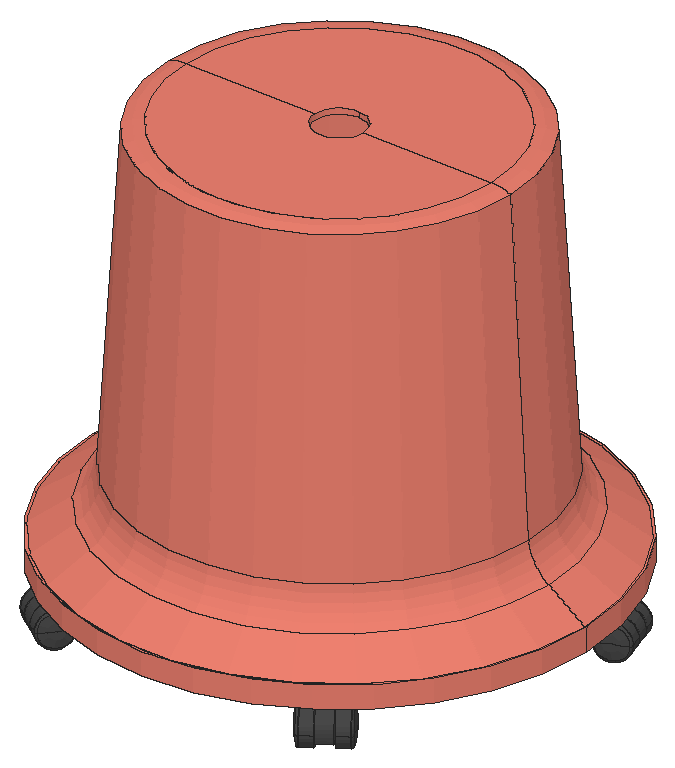
Revit family "Seating-Teknion-CQSMP_Routes_Multi-Use_Stool-R2018", category Furniture, Revit 2018 (continued)
Automatic sketch dimensions
  plane 4 "Left" to Masking region 2 sketch curve = 0.15418"
  Masking region 2 sketch curve to Masking region 2 sketch curve = 0.01195"  (x2)
  plane 4 "Left" to Masking region 2 sketch curve = 0.35648"
  Masking region 2 sketch curve to Masking region 2 sketch curve = 0.01277"  (x2)
  Masking region 2 sketch curve to Masking region 2 sketch curve = 0.24127"
  Masking region 2 sketch curve to Masking region 2 sketch curve = 0.01262"
  Masking region 2 sketch curve to Masking region 2 sketch curve = 0.15801"
  Masking region 2 sketch curve to Masking region 2 sketch curve = 0.01236"
  Masking region 2 sketch curve to Masking region 2 sketch curve = 0.08445"  (x2)
  Masking region 2 sketch curve to Masking region 2 sketch curve = 0.23263"
  Masking region 2 sketch curve to Masking region 2 sketch curve = 0.22754"
  plane 4 "Left" to Masking region 2 sketch curve = 3.33873"
  Masking region 2 sketch curve to Masking region 2 sketch curve = 0.06225"
  Masking region 2 sketch curve to Masking region 2 sketch curve = 0.41327"
  Masking region 2 sketch curve to Masking region 2 sketch curve = 0.03625"
  Masking region 2 sketch curve to plane 7 "Front" = 2.14176"
  Masking region 2 sketch curve to Masking region 2 sketch curve = 0.14533"
  Masking region 2 sketch curve to plane 7 "Front" = 2.1156"  (x2)
  Masking region 2 sketch curve to Masking region 2 sketch curve = 0.03677"
  Masking region 2 sketch curve to Masking region 2 sketch curve = 0.1692"
  Masking region 2 sketch curve to plane 7 "Front" = 1.55277"
  Masking region 2 sketch curve to Masking region 2 sketch curve = 0.49835"
  Masking region 2 sketch curve to plane 7 "Front" = 1.53187"
  Masking region 2 sketch curve to Masking region 2 sketch curve = 0.0286"
  plane 4 "Left" to Masking region 2 sketch curve = 4.45452"
  Masking region 2 sketch curve to plane 7 "Front" = 1.73167"
  Masking region 2 sketch curve to Masking region 2 sketch curve = 0.0282"
  Masking region 2 sketch curve to Masking region 2 sketch curve = 0.13252"
  Masking region 2 sketch curve to plane 7 "Front" = 1.22951"
  Masking region 2 sketch curve to Masking region 2 sketch curve = 0.04913"
  Masking region 2 sketch curve to plane 3 "Center Left/Right" = 1.43736"
  Masking region 2 sketch curve to plane 3 "Center Left/Right" = 0.86123"
  Masking region 2 sketch curve to Masking region 2 sketch curve = 0.00664"
  Masking region 2 sketch curve to plane 3 "Center Left/Right" = 0.35084"
  Masking region 2 sketch curve to Masking region 2 sketch curve = 0.040"  (x2)
  Masking region 2 sketch curve to Masking region 2 sketch curve = 0.01513"
  plane 3 "Center Left/Right" to Masking region 2 sketch curve = 0.30516"
  Masking region 2 sketch curve to Masking region 2 sketch curve = 0.02137"
  Masking region 2 sketch curve to plane 6 "Back" = 0.09092"
  Masking region 2 sketch curve to Masking region 2 sketch curve = 0.5048"
  Masking region 2 sketch curve to Masking region 2 sketch curve = 0.00654"
  Masking region 2 sketch curve to plane 7 "Front" = 1.31132"
  plane 5 "Right" to Masking region 2 sketch curve = 4.78328"
  Masking region 2 sketch curve to plane 7 "Front" = 1.23252"
  Masking region 2 sketch curve to Masking region 2 sketch curve = 0.04904"
  Masking region 2 sketch curve to Masking region 2 sketch curve = 0.2164"
  Masking region 2 sketch curve to plane 7 "Front" = 1.72976"
  Masking region 2 sketch curve to Masking region 2 sketch curve = 0.10226"
  Masking region 2 sketch curve to Masking region 2 sketch curve = 0.03218"
  Masking region 2 sketch curve to plane 7 "Front" = 1.53252"
  Masking region 2 sketch curve to plane 7 "Front" = 1.55568"
  Masking region 2 sketch curve to Masking region 2 sketch curve = 0.03261"
  Masking region 2 sketch curve to Masking region 2 sketch curve = 0.5001"
  Masking region 2 sketch curve to Masking region 2 sketch curve = 0.13269"
  Masking region 2 sketch curve to Masking region 2 sketch curve = 0.03231"
  Masking region 2 sketch curve to plane 7 "Front" = 1.94161"
  Masking region 2 sketch curve to Masking region 2 sketch curve = 0.03211"
  Masking region 2 sketch curve to Masking region 2 sketch curve = 0.35495"
  Masking region 2 sketch curve to Masking region 2 sketch curve = 0.05874"
  plane 5 "Right" to Masking region 2 sketch curve = 0.84449"
  Masking region 2 sketch curve to Masking region 2 sketch curve = 0.19762"
  plane 5 "Right" to Masking region 2 sketch curve = 0.61789"
  Masking region 2 sketch curve to Masking region 2 sketch curve = 0.23243"
  Masking region 2 sketch curve to Masking region 2 sketch curve = 0.01345"
  Masking region 2 sketch curve to Masking region 2 sketch curve = 0.23861"
  Masking region 2 sketch curve to Masking region 2 sketch curve = 0.01318"
  Masking region 2 sketch curve to Masking region 2 sketch curve = 0.23664"
  plane 5 "Right" to Masking region 2 sketch curve = 0.09273"
  plane 5 "Right" to Masking region 2 sketch curve = 0.00263"
  Masking region 2 sketch curve to plane 5 "Right" = 2.78514"
  Masking region 2 sketch curve to plane 7 "Front" = 2.58458"
  Masking region 2 sketch curve to plane 5 "Right" = 8.45954"
  Masking region 2 sketch curve to plane 5 "Right" = 33.32392"
  plane 6 "Back" to Masking region 2 sketch curve = 9.47675"
  Masking region 2 sketch curve to Masking region 2 sketch curve = 66.5922"
  plane 7 "Front" to Masking region 2 sketch curve = 9.88893"
  plane 7 "Front" to Masking region 2 sketch curve = 59.35395"
  plane 7 "Front" to Masking region 2 sketch curve = 59.35352"
  Masking region 2 sketch curve to Masking region 2 sketch curve = 0.08053"
  Masking region 2 sketch curve to Masking region 2 sketch curve = 0.02648"
  Masking region 2 sketch curve to Masking region 2 sketch curve = 0.21077"  (x2)
  Masking region 2 sketch curve to Masking region 2 sketch curve = 0.02358"
  Masking region 2 sketch curve to Masking region 2 sketch curve = 0.06971"
  Masking region 2 sketch curve to Masking region 2 sketch curve = 0.06925"
  Masking region 2 sketch curve to Masking region 2 sketch curve = 0.19206"
  Masking region 2 sketch curve to Masking region 2 sketch curve = 0.1954"
  Masking region 2 sketch curve to plane 1 "Center Front/Back" = 2.24683"
  Masking region 2 sketch curve to plane 1 "Center Front/Back" = 2.24699"
  Masking region 2 sketch curve to Masking region 2 sketch curve = 0.02229"  (x2)
  Masking region 2 sketch curve to Masking region 2 sketch curve = 0.40759"  (x2)
  Masking region 2 sketch curve to Masking region 2 sketch curve = 0.02172"
  Masking region 2 sketch curve to Masking region 2 sketch curve = 0.02385"
  Masking region 2 sketch curve to Masking region 2 sketch curve = 0.03796"
  Masking region 2 sketch curve to Masking region 2 sketch curve = 0.03778"
  Masking region 2 sketch curve to Masking region 2 sketch curve = 0.03818"  (x2)
  Masking region 2 sketch curve to Masking region 2 sketch curve = 0.05742"
  Masking region 2 sketch curve to Masking region 2 sketch curve = 0.05548"
  Masking region 2 sketch curve to Masking region 2 sketch curve = 0.03804"
  Masking region 2 sketch curve to Masking region 2 sketch curve = 0.03769"
  Masking region 2 sketch curve to Masking region 2 sketch curve = 0.03791"  (x2)
  Masking region 2 sketch curve to Masking region 2 sketch curve = 0.03432"  (x2)
  Masking region 2 sketch curve to plane 6 "Back" = 0.49926"
  Masking region 2 sketch curve to plane 6 "Back" = 0.49365"
  Masking region 2 sketch curve to Masking region 2 sketch curve = 0.2453"
  Masking region 2 sketch curve to Masking region 2 sketch curve = 0.000"
  Masking region 2 sketch curve to Masking region 2 sketch curve = 0.00027"
  Masking region 2 sketch curve to plane 6 "Back" = 0.09258"
  plane 6 "Back" to Masking region 2 sketch curve = 0.00043"
  plane 6 "Back" to Masking region 2 sketch curve = 4.96971"
  plane 6 "Back" to Masking region 2 sketch curve = 4.96819"
  Masking region 2 sketch curve to Masking region 2 sketch curve = 66.40727"
  plane 4 "Left" to Masking region 2 sketch curve = 0.04284"
  Masking region 2 sketch curve to Masking region 2 sketch curve = 0.06843"
  Masking region 2 sketch curve to Masking region 2 sketch curve = 0.02988"
  Masking region 2 sketch curve to Masking region 2 sketch curve = 0.0662"
  Masking region 2 sketch curve to Masking region 2 sketch curve = 0.1448"
  Masking region 2 sketch curve to plane 6 "Back" = 0.04795"
  Masking region 2 sketch curve to Masking region 2 sketch curve = 0.23137"
  Masking region 2 sketch curve to Masking region 2 sketch curve = 0.00115"
  Masking region 2 sketch curve to Masking region 2 sketch curve = 0.23778"
  Masking region 2 sketch curve to Masking region 2 sketch curve = 0.14535"
  Revolve 42 sketch curve to plane 3 "Center Left/Right" = 0.000"  (x2)
  Revolve 42 sketch curve to plane 8 "Top" = 0.21561"
  plane 5 "Right" to Revolve 42 sketch curve = 3.96564"
  Revolve 42 sketch curve to plane 8 "Top" = 0.31895"
  Revolve 42 sketch curve to Revolve 42 sketch curve = 0.65588"
  plane 5 "Right" to Revolve 42 sketch curve = 2.55869"
  plane 5 "Right" to Revolve 42 sketch curve = 1.7749"
  plane 5 "Right" to Revolve 42 sketch curve = 0.37201"
  level to Revolve 42 sketch curve = 4.93324"
  Revolve 42 sketch curve to Revolve 42 sketch curve = 0.07752"
  level to Revolve 42 sketch curve = 0.29038"
  Revolve 42 sketch curve to level = 0.8125"
  plane 8 "Top" to Revolve 42 sketch curve = 2.000"
  Sweep 43 sketch curve to plane 3 "Center Left/Right" = 0.000"
  Sweep 43 sketch curve to plane 8 "Top" = 4.750"
  plane 8 "Top" to Sweep 43 sketch curve = 1.500"
  Sweep 43 sketch curve to profile plane = 0.000"
  plane 1 "Center Front/Back" to Sweep 43 sketch curve = 0.12247"
  Masking region 2 sketch curve to Masking region 2 sketch curve = 0.41657"
  curve 1 to curve 2 = 0.000"  (x2)
  curve 1 to curve 3 = 0.000"  (x2)
  curve 1 to curve 4 = 0.000"  (x2)
  curve 1 to curve 5 = 0.000"  (x2)
  curve 1 to curve 6 = 0.000"  (x2)
  curve 1 to curve 7 = 0.000"  (x2)
  curve 1 to curve 8 = 0.000"  (x2)
  curve 2 to curve 3 = 0.000"  (x2)
  curve 2 to curve 4 = 0.000"  (x2)
  curve 2 to curve 5 = 0.000"  (x2)
  curve 2 to curve 6 = 0.000"  (x2)
  curve 2 to curve 7 = 0.000"  (x2)
  curve 2 to curve 8 = 0.000"  (x2)
  curve 3 to curve 4 = 0.000"  (x2)
  curve 3 to curve 5 = 0.000"  (x2)
  curve 3 to curve 6 = 0.000"  (x2)
  curve 3 to curve 7 = 0.000"  (x2)
  curve 3 to curve 8 = 0.000"  (x2)
  curve 4 to curve 5 = 0.000"  (x2)
  curve 4 to curve 6 = 0.000"  (x2)
  curve 4 to curve 7 = 0.000"  (x2)
  curve 4 to curve 8 = 0.000"  (x2)
  curve 5 to curve 6 = 0.000"  (x2)
  curve 5 to curve 7 = 0.000"  (x2)
  curve 5 to curve 8 = 0.000"  (x2)
  curve 6 to curve 7 = 0.000"  (x2)
  curve 6 to curve 8 = 0.000"  (x2)
  curve 7 to curve 8 = 0.000"  (x2)
  curve 9 to curve 10 = 0.000"  (x2)
  curve 2 to plane 3 "Center Left/Right" = 0.000"
  curve 9 to plane 3 "Center Left/Right" = 0.000"
  curve 53 to plane 3 "Center Left/Right" = 0.00167"
  curve 54 to curve 53 = 0.00063"
  curve 52 to curve 54 = 0.00136"
  curve 38 to plane 3 "Center Left/Right" = 0.31084"
  curve 40 to curve 38 = 0.040"
  curve 51 to curve 40 = 0.20293"
  curve 50 to curve 40 = 0.20293"
  curve 46 to curve 50 = 0.197"
  curve 42 to curve 51 = 0.10376"
  curve 33 to plane 6 "Back" = 0.70397"
  curve 33 to curve 46 = 0.98699"
  curve 109 to plane 7 "Front" = 1.31867"
  curve 109 to plane 3 "Center Left/Right" = 4.32022"
  curve 111 to curve 109 = 0.09928"
  curve 113 to plane 7 "Front" = 3.05304"
  curve 113 to curve 111 = 0.04358"
  curve 101 to curve 111 = 0.1359"
  curve 115 to curve 113 = 0.11579"
  curve 100 to curve 101 = 0.06573"
  curve 102 to curve 115 = 0.38765"
  curve 111 to plane 7 "Front" = 1.88628"
  curve 111 to curve 100 = 0.44614"
  curve 103 to curve 101 = 0.18461"
  curve 114 to curve 111 = 0.15938"
  curve 110 to plane 7 "Front" = 1.8427"
  curve 110 to curve 114 = 0.11579"
  curve 119 to curve 103 = 0.19651"
  curve 120 to curve 119 = 0.00165"
  curve 118 to curve 120 = 0.00072"
  curve 113 to curve 118 = 0.00466"
  curve 117 to curve 113 = 0.11579"
  curve 107 to curve 118 = 0.17596"
  curve 112 to curve 117 = 0.15938"
  curve 104 to curve 106 = 0.12352"
  curve 107 to curve 112 = 0.30362"
  curve 108 to curve 107 = 0.05458"
  curve 116 to curve 104 = 0.46875"
  curve 110 to plane 7 "Front" = 2.49048"
  curve 110 to curve 116 = 0.11579"
  curve 112 to plane 7 "Front" = 2.76565"
  curve 112 to curve 116 = 0.15938"
  curve 99 to curve 112 = 0.81254"
  plane 4 "Left" to curve 25 = 2.36014"
  curve 23 to curve 27 = 0.12648"
  curve 27 to curve 25 = 0.18736"
  curve 25 to curve 25 = 0.34056"
  curve 13 to curve 27 = 0.32345"
  curve 29 to curve 25 = 0.18736"
  curve 12 to curve 12 = 0.09896"
  curve 24 to curve 29 = 0.06088"
  curve 14 to curve 27 = 0.41823"
  curve 19 to curve 29 = 0.29274"
  curve 15 to curve 13 = 0.26457"
  curve 31 to curve 15 = 0.01113"
  curve 30 to curve 31 = 0.00184"
  curve 32 to curve 30 = 0.0002"
  curve 21 to curve 12 = 0.35496"
  curve 19 to curve 24 = 0.38752"
  curve 17 to curve 18 = 0.23985"
  curve 20 to curve 20 = 0.08831"
  curve 23 to curve 12 = 0.62571"
  curve 26 to curve 23 = 0.06088"
  curve 22 to curve 26 = 0.18736"
  curve 28 to curve 16 = 0.51553"
  curve 24 to curve 28 = 0.06088"
  curve 22 to curve 28 = 0.18736"
  plane 4 "Left" to curve 11 = 0.39551"
  plane 3 "Center Left/Right" to curve 37 = 0.30516"
  curve 37 to curve 36 = 0.040"
  curve 35 to curve 49 = 0.20313"
  curve 36 to curve 44 = 0.20313"
  curve 49 to curve 45 = 0.197"
  curve 49 to curve 34 = 0.09617"
  curve 34 to curve 35 = 0.00739"
  curve 45 to curve 43 = 0.93802"
  curve 87 to plane 7 "Front" = 1.31867"
  plane 3 "Center Left/Right" to curve 87 = 4.32022"
  curve 87 to curve 89 = 0.09928"
  curve 91 to plane 7 "Front" = 3.05304"
  curve 89 to curve 91 = 0.04358"
  curve 93 to curve 79 = 0.1359"
  curve 91 to curve 93 = 0.11579"
  curve 78 to curve 78 = 0.06573"
  curve 93 to curve 80 = 0.38402"
  curve 89 to plane 7 "Front" = 1.88628"
  curve 78 to curve 89 = 0.44614"
  curve 79 to curve 81 = 0.18824"
  curve 89 to curve 92 = 0.15938"
  curve 88 to plane 7 "Front" = 1.8427"
  curve 92 to curve 88 = 0.11579"
  curve 81 to curve 97 = 0.19651"
  curve 97 to curve 98 = 0.00165"
  curve 98 to curve 96 = 0.00072"
  curve 96 to curve 91 = 0.00466"
  curve 91 to curve 95 = 0.11579"
  curve 96 to curve 85 = 0.17596"
  curve 95 to curve 90 = 0.15938"
  curve 84 to curve 83 = 0.12352"
  curve 90 to curve 85 = 0.30362"
  curve 85 to curve 86 = 0.05458"
  curve 82 to curve 94 = 0.46875"
  curve 88 to plane 7 "Front" = 2.49048"
  curve 94 to curve 88 = 0.11579"
  curve 90 to plane 7 "Front" = 2.76565"
  curve 94 to curve 90 = 0.15938"
  curve 90 to curve 77 = 0.81254"
  plane 5 "Right" to curve 69 = 2.36014"
  curve 69 to curve 67 = 0.12648"
  curve 69 to curve 71 = 0.18736"
  curve 69 to curve 69 = 0.34056"
  curve 71 to curve 57 = 0.32345"
  curve 69 to curve 73 = 0.18736"
  curve 57 to curve 56 = 0.09896"
  curve 73 to curve 68 = 0.06088"
  curve 71 to curve 58 = 0.41823"
  curve 73 to curve 62 = 0.29274"
  curve 57 to curve 59 = 0.26457"
  curve 59 to curve 75 = 0.01113"
  curve 75 to curve 74 = 0.00184"
  curve 74 to curve 76 = 0.0002"
  curve 56 to curve 65 = 0.35496"
  curve 73 to curve 63 = 0.38752"
  curve 62 to curve 60 = 0.23985"
  curve 64 to curve 64 = 0.08831"
  curve 56 to curve 67 = 0.62571"
  curve 67 to curve 70 = 0.06088"
  curve 70 to curve 66 = 0.18736"
  curve 60 to curve 72 = 0.51553"
  curve 72 to curve 68 = 0.06088"
  curve 72 to curve 66 = 0.18736"
  plane 5 "Right" to curve 55 = 0.39551"
  curve 89 to curve 78 = 0.45045"
  curve 111 to curve 100 = 0.45045"
  curve 100 to curve 101 = 0.0779"
  curve 78 to curve 79 = 0.0779"
  curve 114 to curve 104 = 0.51758"
  curve 92 to curve 81 = 0.51758"
  curve 81 to curve 80 = 0.19103"
  curve 103 to curve 102 = 0.19367"
  curve 81 to curve 98 = 0.25035"
  curve 103 to curve 120 = 0.25035"
  curve 120 to curve 119 = 0.0012"
  curve 98 to curve 97 = 0.0012"
  curve 120 to curve 118 = 0.00133"
  curve 98 to curve 96 = 0.00133"
  curve 111 to curve 113 = 0.27517"
  curve 89 to curve 91 = 0.27517"
  curve 118 to curve 105 = 0.1104"
  curve 96 to curve 82 = 0.1104"
  curve 104 to curve 106 = 0.23806"
  curve 82 to curve 85 = 0.23806"
  curve 112 to curve 99 = 0.56082"
  curve 90 to curve 77 = 0.56082"
  curve 84 to curve 86 = 0.22094"
  curve 106 to curve 108 = 0.22094"
  curve 86 to curve 85 = 0.07512"
  curve 108 to curve 107 = 0.07512"
  curve 84 to curve 95 = 0.42165"
  curve 106 to curve 117 = 0.42165"
  curve 95 to curve 90 = 0.11579"
  curve 117 to curve 112 = 0.11579"
  plane 1 "Center Front/Back" to curve 7 = 0.12748"
  curve 5 to curve 9 = 0.005"
  curve 55 to plane 1 "Center Front/Back" = 1.21798"
  curve 11 to plane 1 "Center Front/Back" = 1.21798"
  curve 11 to curve 24 = 0.59075"
  curve 55 to curve 68 = 0.59075"
  curve 73 to curve 63 = 0.01682"
  curve 24 to curve 19 = 0.01682"
  curve 64 to curve 64 = 0.02869"
  curve 20 to curve 20 = 0.02869"
  curve 68 to curve 69 = 0.12648"
  curve 29 to curve 25 = 0.12648"
  curve 64 to curve 68 = 0.29505"
  curve 20 to curve 24 = 0.29505"
  curve 73 to curve 62 = 0.30849"
  curve 29 to curve 19 = 0.30849"
  curve 28 to curve 28 = 0.18736"
  curve 68 to curve 72 = 0.18736"
  curve 18 to curve 16 = 0.11999"
  curve 62 to curve 61 = 0.11999"
  curve 60 to curve 74 = 0.26534"
  curve 16 to curve 30 = 0.26534"
  curve 30 to curve 32 = 0.0015"
  curve 74 to curve 75 = 0.0015"
  curve 74 to curve 76 = 0.0015"
  curve 32 to curve 31 = 0.000"
  curve 75 to curve 57 = 0.2751"
  curve 31 to curve 13 = 0.2751"
  curve 13 to curve 25 = 0.01682"
  curve 57 to curve 69 = 0.01682"
  curve 13 to curve 16 = 0.04391"
  curve 57 to curve 60 = 0.04391"
  curve 25 to curve 27 = 0.06088"
  curve 69 to curve 71 = 0.06088"
  curve 15 to curve 26 = 0.37435"
  curve 59 to curve 70 = 0.37435"
  curve 27 to curve 13 = 0.21398"
  curve 71 to curve 57 = 0.21398"
  curve 70 to curve 66 = 0.06088"
  curve 26 to curve 22 = 0.06088"
  curve 57 to curve 56 = 0.02439"
  curve 12 to curve 12 = 0.02439"
  curve 70 to curve 65 = 0.89832"
  curve 26 to curve 21 = 0.89832"
  curve 47 to plane 6 "Back" = 2.02691"
  curve 49 to curve 35 = 0.37375"
  curve 51 to curve 41 = 0.37375"
  curve 42 to curve 42 = 0.09285"
  curve 34 to curve 34 = 0.10166"
  curve 35 to curve 53 = 0.17719"
  curve 53 to curve 52 = 0.00128"
  curve 52 to curve 54 = 0.00066"
  curve 35 to curve 37 = 0.26519"
  curve 34 to curve 45 = 0.62666"
  curve 43 to plane 6 "Back" = 0.70775"
  curve 42 to curve 42 = 0.09144"
  curve 43 to plane 6 "Back" = 0.29861"
  curve 99 to curve 100 = 0.000"
  curve 99 to curve 111 = 0.05802"
  curve 102 to plane 7 "Front" = 1.73242"
  curve 103 to plane 7 "Front" = 1.75344"
  curve 108 to curve 108 = 0.0645"
  curve 105 to plane 7 "Front" = 2.12333"
  curve 106 to plane 7 "Front" = 2.14662"
  curve 29 to curve 5 = 1.86111"
  curve 109 to curve 112 = 0.45344"
  curve 4 to curve 5 = 0.76489"
  curve 11 to curve 12 = 0.000"
  curve 2 to curve 3 = 1.55605"
  curve 21 to curve 20 = 0.01292"
  curve 11 to curve 26 = 0.33099"
  curve 14 to curve 26 = 0.32652"
  curve 15 to curve 14 = 0.01236"
  curve 17 to curve 28 = 0.18868"
  curve 18 to curve 17 = 0.01262"
  plane 4 "Left" to curve 21 = 0.23817"
  plane 4 "Left" to curve 8 = 0.08975"
  curve 7 to curve 8 = 0.00029"
  curve 33 to curve 34 = 0.000"
  curve 33 to plane 6 "Back" = 0.29892"
  curve 77 to curve 78 = 0.000"
  curve 92 to curve 77 = 0.05767"
  curve 80 to plane 7 "Front" = 1.72984"
  curve 81 to plane 7 "Front" = 1.75379"
  curve 86 to curve 87 = 0.0645"
  curve 83 to plane 7 "Front" = 2.1159"
  curve 84 to plane 7 "Front" = 2.13928"
  curve 90 to curve 87 = 0.45771"
  curve 55 to curve 56 = 0.000"
  curve 64 to curve 65 = 0.01292"
  curve 70 to curve 55 = 0.33099"
  curve 66 to curve 58 = 0.32652"
  curve 58 to curve 59 = 0.01236"
  curve 72 to curve 61 = 0.18868"
  curve 61 to curve 62 = 0.01262"
  plane 5 "Right" to curve 65 = 0.23817"
  curve 9 to curve 3 = 0.98419"
  curve 36 to plane 6 "Back" = 0.25353"
  curve 37 to curve 36 = 0.000"
  curve 39 to plane 6 "Back" = 0.25353"
  curve 39 to curve 40 = 0.00027"
  radius of Sweep 1 sketch curve = 0.7283"
  radius of Sweep 2 sketch curve = 0.7283"
  radius of Sweep 6 sketch curve = 0.15794"
  radius of Sweep 8 sketch curve = 0.27542"
  radius of Sweep 9 sketch curve = 0.7283"
  radius of Sweep 10 sketch curve = 0.7283"
  radius of Sweep 14 sketch curve = 0.15794"
  radius of Sweep 16 sketch curve = 0.27542"
  radius of Sweep 17 sketch curve = 0.7283"
  radius of Sweep 18 sketch curve = 0.7283"
  radius of Sweep 22 sketch curve = 0.15794"
  radius of Sweep 24 sketch curve = 0.27542"
  radius of Sweep 25 sketch curve = 0.7283"
  radius of Sweep 26 sketch curve = 0.7283"
  radius of Sweep 30 sketch curve = 0.15794"
  radius of Sweep 32 sketch curve = 0.27542"
  radius of Sweep 33 sketch curve = 0.7283"
  radius of Sweep 34 sketch curve = 0.7283"
  radius of Sweep 38 sketch curve = 0.15794"
  radius of Sweep 40 sketch curve = 0.27542"
  radius of Sweep 43 sketch curve = 0.98919"
  radius of curve 30 = 0.52344"
  radius of curve 31 = 0.15733"
  radius of curve 32 = 0.37333"
  radius of curve 52 = 0.52344"
  radius of curve 53 = 0.15733"
  radius of curve 54 = 0.37333"
  radius of curve 74 = 0.52344"
  radius of curve 75 = 0.15733"
  radius of curve 76 = 0.37333"
  radius of curve 96 = 0.52344"
  radius of curve 97 = 0.15733"
  radius of curve 98 = 0.37333"
  radius of curve 118 = 0.52344"
  radius of curve 119 = 0.15733"
  radius of curve 120 = 0.37333"
